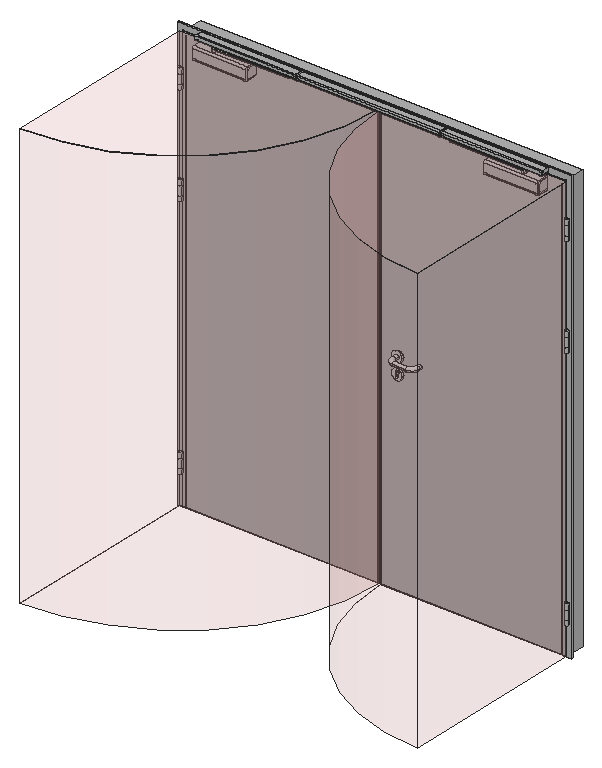
Revit family "ASSA ABLOY - ALPE Sp 30-2, double-leaf, angular frame", category Doors, host Wall, Revit 2021 (continued)
Definition of nested family "DC700 DC500 Door closer, Cam-Motion_ASSA ABLOY"
  Automatic sketch dimensions
    SweptBlend 8 sketch curve to SweptBlend 8 sketch curve = 15.000 mm
    radius of Sweep 4 sketch curve = 9.000 mm
    radius of Extrusion 5 sketch curve = 9.000 mm
Definition of nested family "G-CO guide rail for DC700 door closer"
  Parameters (values of type "G-CO guide rail for DC700 door closer")
    Thickness = 16.800 mm
    Min. Length [instance] = if(Length < 20.000 mm, 20.000 mm, Length)  # 100.000 mm
    Length [instance] = 100.000 mm
    Default Elevation = 0.000 mm
  Reference planes
    plane 1 "Center (Front/Back)": y = 0
    plane 2: z = 0
    plane 3 "Center (Left/Right)": x = 0
    plane 4: z = 0
    plane 5: x = -50
    plane 6: x = 50
    plane 7: z = 23
    plane 8: x = 45
    plane 9: x = -45
  Forms (mm)
    Sweep 1, solid
      path origin (0, -19.5, 0) x (1, 0, 0) y (0, 1, 0)
        loop
          line (-50, 0) -> (50, 0)
      profile origin (0, -19.5, 0) x (0, 1, 0) y (0, 0, 1)
        loop
          line (19.5, 0) -> (19.5, 23) -> (-15.5, 23)
          arc (-15.5, 23) -> (-18.328, 21.828) -> (-19.5, 19) r 4
          line (-19.5, 19) -> (-19.5, 4)
          arc (-19.5, 4) -> (-18.328, 1.172) -> (-15.5, 0) r 4
          line (-15.5, 0) -> (19.5, 0)
    Sweep 2, solid
      path origin (0, -19.5, 0) x (1, 0, 0) y (0, 1, 0)
        loop
          line (-50, 0) -> (-45, 0)
      profile origin (-47.5, -19.5, 0) x (0, 1, 0) y (0, 0, 1)
        loop
          line (19.5, -2) -> (19.5, 0) -> (-15.5, 0)
          arc (-15.5, 0) -> (-18.328, 1.172) -> (-19.5, 4) r 4
          line (-19.5, 4) -> (-19.5, 19)
          arc (-19.5, 19) -> (-18.328, 21.828) -> (-15.5, 23) r 4
          line (-15.5, 23) -> (19.5, 23) -> (19.5, 25) -> (-15.5, 25)
          arc (-15.5, 25) -> (-19.743, 23.243) -> (-21.5, 19) r 6
          line (-21.5, 19) -> (-21.5, 4)
          arc (-21.5, 4) -> (-19.743, -0.243) -> (-15.5, -2) r 6
          line (-15.5, -2) -> (19.5, -2)
    Sweep 3, solid
      path origin (0, -19.5, 0) x (1, 0, 0) y (0, 1, 0)
        loop
          line (45, 0) -> (50, 0)
      profile origin (47.5, -19.5, 0) x (0, 1, 0) y (0, 0, 1)
        loop
          line (19.5, -2) -> (19.5, 0) -> (-15.5, 0)
          arc (-15.5, 0) -> (-18.328, 1.172) -> (-19.5, 4) r 4
          line (-19.5, 4) -> (-19.5, 19)
          arc (-19.5, 19) -> (-18.328, 21.828) -> (-15.5, 23) r 4
          line (-15.5, 23) -> (19.5, 23) -> (19.5, 25) -> (-15.5, 25)
          arc (-15.5, 25) -> (-19.743, 23.243) -> (-21.5, 19) r 6
          line (-21.5, 19) -> (-21.5, 4)
          arc (-21.5, 4) -> (-19.743, -0.243) -> (-15.5, -2) r 6
          line (-15.5, -2) -> (19.5, -2)
  Dimensions and locks
    equal spacing: plane 5, plane 3 "Center (Left/Right)", plane 6
    "Min. Length": plane 5 to plane 6
    locked: plane 8 to plane 6 at 5
    locked: plane 5 to plane 9 at 5
    aligned and locked: level to plane 2
    aligned and locked: plane 5 to Sweep 1 sketch curve
    aligned and locked: plane 6 to Sweep 1 sketch curve
    aligned and locked: plane 5 to Sweep 2 sketch curve
    aligned and locked: plane 9 to Sweep 2 sketch curve
    aligned and locked: plane 6 to Sweep 3 sketch curve
    aligned and locked: plane 8 to Sweep 3 sketch curve
  Automatic sketch dimensions
    Sweep 1 sketch curve to level = 0.000 mm
    profile plane to Sweep 1 sketch curve = 19.500 mm
    Sweep 1 sketch curve to Sweep 1 sketch curve = 4.000 mm  (x2)
    Sweep 1 sketch curve to Sweep 1 sketch curve = 15.000 mm
    plane 1 "Center (Front/Back)" to Sweep 2 sketch curve = 19.500 mm
    Sweep 2 sketch curve to Sweep 2 sketch curve = 0.000 mm  (x4)
    Sweep 2 sketch curve to level = 0.000 mm
    profile plane to Sweep 2 sketch curve = 21.500 mm
    Sweep 2 sketch curve to Sweep 2 sketch curve = 4.000 mm  (x2)
    Sweep 2 sketch curve to Sweep 2 sketch curve = 15.000 mm
    Sweep 2 sketch curve to level = 2.000 mm
    plane 1 "Center (Front/Back)" to Sweep 3 sketch curve = 19.500 mm
    Sweep 3 sketch curve to Sweep 3 sketch curve = 0.000 mm  (x4)
    Sweep 3 sketch curve to level = 0.000 mm
    profile plane to Sweep 3 sketch curve = 21.500 mm
    Sweep 3 sketch curve to Sweep 3 sketch curve = 2.000 mm
    Sweep 3 sketch curve to Sweep 3 sketch curve = 4.000 mm  (x2)
    Sweep 3 sketch curve to Sweep 3 sketch curve = 15.000 mm
    plane 1 "Center (Front/Back)" to Sweep 1 sketch curve = 19.500 mm
    Sweep 1 sketch curve to profile plane = 19.500 mm
    Sweep 2 sketch curve to profile plane = 19.500 mm  (x2)
    Sweep 3 sketch curve to profile plane = 19.500 mm  (x2)
Definition of nested family "TL0151BS round rosette PZPZ, stainless steel_ASSA ABLOY"
  Parameters (values of type "TL0151BS round rosette PZPZ, stainless steel_ASSA ABLOY")
    Thickness = 60.000 mm
    Default Elevation = 0.000 mm
  Reference planes
    plane 1 "Center (Front/Back)": y = 0
    plane 2: z = 0
    plane 3 "Center (Left/Right)": x = 0
    plane 4: z = 0
    plane 5: y = 60
    plane 6: y = -6.5
    plane 7: y = 66.5
    plane 8: x = -133
  Forms (mm)
    Sweep 1, solid
      path origin (0, 0, 0) x (1, 0, 0) y (0, 1, 0)
        loop
          line (0, 0) -> (0, -6.5)
      profile origin (0, -3.25, 0) x (1, 0, 0) y (0, 0, 1)
        loop
          circle (0, 0) r 26.5
    Sweep 2, solid
      path origin (0, 70, 0) x (1, 0, 0) y (0, 1, 0)
        loop
          line (0, -10) -> (0, -3.5)
      profile origin (0, 63.25, 0) x (-1, 0, 0) y (0, 0, 1)
        loop
          circle (0, 0) r 26.5
    Sweep 3, void
      path origin (0, 0, 0) x (1, 0, 0) y (0, 1, 0)
        loop
          line (0, -6.5) -> (0, 66.5)
      profile origin (0, 30, 0) x (-1, 0, 0) y (0, 0, 1)
        loop
          arc (5.25, 1) -> (0, 16.75) -> (-5.25, 1) r 8.75
          line (-5.25, 1) -> (-5.25, -11.5)
          arc (-5.25, -11.5) -> (0, -16.75) -> (5.25, -11.5) r 5.25
          line (5.25, -11.5) -> (5.25, 1)
        loop
          arc (-4.75, -11.5) -> (0, -16.25) -> (4.75, -11.5) r 4.75
          line (4.75, -11.5) -> (4.75, 1.255)
          arc (4.75, 1.255) -> (0, 16.25) -> (-4.75, 1.255) r 8.25
          line (-4.75, 1.255) -> (-4.75, -11.5)
  Cuts and joins
    Sweep 3 cuts Sweep 1
    Sweep 3 cuts Sweep 2
  Dimensions and locks
    locked: plane 7 to plane 5 at 6.5
    locked: plane 6 to plane 1 "Center (Front/Back)" at 6.5
    "Thickness": plane 1 "Center (Front/Back)" to plane 5
    aligned and locked: level to plane 2
  Automatic sketch dimensions
    Sweep 1 sketch curve to plane 3 "Center (Left/Right)" = 0.000 mm
    Sweep 1 sketch curve to plane 6 = 0.000 mm
    plane 1 "Center (Front/Back)" to Sweep 1 sketch curve = 0.000 mm
    Sweep 2 sketch curve to plane 3 "Center (Left/Right)" = 0.000 mm
    Sweep 2 sketch curve to plane 5 = 0.000 mm
    Sweep 2 sketch curve to plane 7 = 0.000 mm
    Sweep 1 sketch curve to level = 0.000 mm
    profile plane to Sweep 1 sketch curve = 0.000 mm
    Sweep 2 sketch curve to level = 0.000 mm
    Sweep 2 sketch curve to profile plane = 0.000 mm
    Sweep 3 sketch curve to plane 3 "Center (Left/Right)" = 0.000 mm
    Sweep 3 sketch curve to plane 6 = 0.000 mm
    Sweep 3 sketch curve to plane 7 = 0.000 mm
    Sweep 3 sketch curve to Sweep 3 sketch curve = 0.000 mm  (x4)
    Sweep 3 sketch curve to profile plane = 0.000 mm  (x2)
    level to Sweep 3 sketch curve = 1.255 mm
    profile plane to Sweep 3 sketch curve = 4.750 mm
    Sweep 3 sketch curve to Sweep 3 sketch curve = 0.500 mm
    Sweep 3 sketch curve to Sweep 3 sketch curve = 0.255 mm
    Sweep 3 sketch curve to level = 11.500 mm
    level to Sweep 3 sketch curve = 8.000 mm
    radius of Sweep 1 sketch curve = 26.500 mm
    radius of Sweep 2 sketch curve = 26.500 mm
Definition of nested family "N2000 One System panic device (EN1125), type A (crossbar)_ASSA ABLOY"
  Parameters (values of type "N2000 One System panic device (EN1125), type A (crossbar)_ASSA ABLOY")
    Panic device Length [instance] = 700.000 mm
    Default Elevation = 0.000 mm
  Reference planes
    plane 1 "Center (Front/Back)": y = 0
    plane 2: z = 0
    plane 3 "Center (Left/Right)": x = 0
    plane 4: z = 0
    plane 5: x = -315.3
    plane 6: z = 68
    plane 7: y = -44
    plane 8: x = 444.7
    plane 9: x = -305
    plane 10: x = 434.4
    plane 11: z = -68
    plane 12: x = -290
    plane 13: z = 54.5
    plane 14: z = -54.5
    plane 15: x = 399
    plane 16: x = 290
    plane 17: y = -14
    plane 18: x = -275.3
    plane 19: x = 404.7
    plane 20: z = -103
    plane 21: y = -98
    plane 22: x = -285.3
    plane 23: x = -265.3
    plane 24: x = 414.7
    plane 25: x = 394.7
  Forms (mm)
    Sweep 1, solid
      path origin (0, 0, 0) x (1, 0, 0) y (0, 1, 0)
        loop
          line (-315.3, 0) -> (-315.3, -14)
      profile origin (-315.3, -7, 0) x (1, 0, 0) y (0, 0, 1)
        loop
          circle (0, 0) r 27.5
    Sweep 2, solid
      path origin (689, 0, 0) x (1, 0, 0) y (0, 1, 0)
        loop
          line (-244.3, 0) -> (-244.3, -14)
      profile origin (444.7, -7, 0) x (1, 0, 0) y (0, 0, 1)
        loop
          circle (0, 0) r 27.5
    Sweep 3, solid
      path origin (0, 0, 0) x (1, 0, 0) y (0, 1, 0)
        loop
          line (-265.3, 0) -> (-285.3, 0)
      profile origin (-275.3, 0, 0) x (0, -1, 0) y (0, 0, 1)
        loop
          arc (77.672, -97.829) -> (92.829, -101.328) -> (96.328, -86.171) r 11
          line (96.328, -86.171) -> (41.243, 1.979)
          arc (41.243, 1.979) -> (26.085, 5.478) -> (22.586, -9.68) r 11
          line (22.586, -9.68) -> (77.672, -97.829)
    Sweep 4, solid
      path origin (0, 0, 0) x (1, 0, 0) y (0, 1, 0)
        loop
          line (-265.3, -93.5) -> (394.7, -93.5)
      profile origin (64.7, -93.5, 0) x (0, 1, 0) y (0, 0, 1)
        loop
          arc (-0.284, -87.76) -> (2.26, -98.784) -> (13.284, -96.24) r 8
          line (13.284, -96.24) -> (20.703, -84.367)
          arc (20.703, -84.367) -> (18.159, -73.343) -> (7.135, -75.888) r 8
          line (7.135, -75.888) -> (-0.284, -87.76)
    Sweep 5, solid
      path origin (0, 0, 0) x (1, 0, 0) y (0, 1, 0)
        loop
          line (-285.3, -44) -> (-305, -44)
      profile origin (-295.15, -44, 0) x (0, -1, 0) y (0, 0, 1)
        loop
          circle (-12.086, -3.85) r 7
    Sweep 6, solid
      path origin (0, 0, 0) x (1, 0, 0) y (0, 1, 0)
        loop
          line (414.7, -4) -> (434.4, -4)
      profile origin (424.55, -4, 0) x (0, 1, 0) y (0, 0, 1)
        loop
          circle (-27.914, -3.85) r 7
    SweptBlend 7, solid
      path origin (0, 0, 0) x (1, 0, 0) y (0, 1, 0)
        loop
          line (-315.3, 0) -> (-315.3, -44)
      profile origin (-315.3, 0, 0) x (1, 0, 0) y (0, 0, 1)
        loop
          line (-17, 25.5) -> (-17, -25.5)
          arc (-17, -25.5) -> (0, -42.5) -> (17, -25.5) r 17
          line (17, -25.5) -> (17, 25.5)
          arc (17, 25.5) -> (0, 42.5) -> (-17, 25.5) r 17
      end profile origin (-315.3, -44, 0) x (1, 0, 0) y (0, 0, 1)
        loop
          arc (11, 20) -> (0, 31) -> (-11, 20) r 11
          line (-11, 20) -> (-11, -20)
          arc (-11, -20) -> (0, -31) -> (11, -20) r 11
          line (11, -20) -> (11, 20)
    SweptBlend 8, solid
      path origin (1060, 0, 0) x (1, 0, 0) y (0, 1, 0)
        loop
          line (-615.3, 0) -> (-615.3, -44)
      profile origin (444.7, 0, 0) x (1, 0, 0) y (0, 0, 1)
        loop
          line (-17, 25.5) -> (-17, -25.5)
          arc (-17, -25.5) -> (0, -42.5) -> (17, -25.5) r 17
          line (17, -25.5) -> (17, 25.5)
          arc (17, 25.5) -> (0, 42.5) -> (-17, 25.5) r 17
      end profile origin (444.7, -44, 0) x (1, 0, 0) y (0, 0, 1)
        loop
          arc (11, 20) -> (0, 31) -> (-11, 20) r 11
          line (-11, 20) -> (-11, -20)
          arc (-11, -20) -> (0, -31) -> (11, -20) r 11
          line (11, -20) -> (11, 20)
    Sweep 9, solid
      path origin (0, 0, 0) x (1, 0, 0) y (0, 1, 0)
        loop
          line (414.7, 0) -> (394.7, 0)
      profile origin (404.7, 0, 0) x (0, -1, 0) y (0, 0, 1)
        loop
          arc (77.672, -97.829) -> (92.829, -101.328) -> (96.328, -86.171) r 11
          line (96.328, -86.171) -> (41.243, 1.979)
          arc (41.243, 1.979) -> (26.085, 5.478) -> (22.586, -9.68) r 11
          line (22.586, -9.68) -> (77.672, -97.829)
  Cuts and joins
    joined: Sweep 1, Sweep 5, SweptBlend 7
    joined: Sweep 2, Sweep 6, SweptBlend 8
  Dimensions and locks
    plane 6 to level = 68.000 mm
    locked: plane 7 to plane 1 "Center (Front/Back)" at 44
    plane 6 to plane 11 = 136.000 mm
    locked: plane 9 to plane 3 "Center (Left/Right)" at 305
    "Panic device Length": plane 22 to plane 24
    equal spacing: plane 6, level, plane 11
    locked: plane 17 to plane 1 "Center (Front/Back)" at 14
    locked: plane 5 to plane 18 at 40
    locked: plane 19 to plane 8 at 40
    plane 20 to level = 103.000 mm
    plane 1 "Center (Front/Back)" to plane 21 = 98.000 mm
    locked: plane 22 to plane 18 at 10
    locked: plane 19 to plane 24 at 10
    locked: plane 22 to plane 23 at 20
    locked: plane 25 to plane 24 at 20
    locked: plane 24 to plane 10 at 19.7
    aligned and locked: level to plane 2
    aligned and locked: Sweep 1 sketch curve to plane 5
    aligned and locked: plane 1 "Center (Front/Back)" to Sweep 1 sketch curve
    aligned and locked: plane 17 to Sweep 1 sketch curve
    aligned and locked: Sweep 2 sketch curve to plane 8
    aligned and locked: Sweep 3 sketch curve to plane 1 "Center (Front/Back)"
    aligned and locked: plane 22 to Sweep 3 sketch curve
    aligned and locked: plane 23 to Sweep 3 sketch curve
    aligned and locked: plane 23 to Sweep 4 sketch curve
    aligned and locked: plane 25 to Sweep 4 sketch curve
    aligned and locked: Sweep 5 sketch curve to plane 7
    aligned and locked: plane 22 to Sweep 5 sketch curve
    aligned and locked: plane 9 to Sweep 5 sketch curve
    aligned and locked: plane 24 to Sweep 6 sketch curve
    aligned and locked: SweptBlend 7 sketch curve to plane 5
    aligned and locked: plane 1 "Center (Front/Back)" to SweptBlend 7 sketch curve
    aligned and locked: plane 7 to SweptBlend 7 sketch curve
    aligned and locked: SweptBlend 8 sketch curve to plane 8
    aligned and locked: plane 24 to Sweep 9 sketch curve
    aligned and locked: plane 25 to Sweep 9 sketch curve
  Automatic sketch dimensions
    Sweep 1 sketch curve to level = 0.000 mm
    profile plane to Sweep 1 sketch curve = 0.000 mm
    plane 17 to Sweep 2 sketch curve = 0.000 mm
    plane 1 "Center (Front/Back)" to Sweep 2 sketch curve = 0.000 mm
    Sweep 2 sketch curve to level = 0.000 mm
    profile plane to Sweep 2 sketch curve = 0.000 mm
    Sweep 4 sketch curve to plane 21 = 4.500 mm
    Sweep 6 sketch curve to plane 10 = 0.000 mm
    plane 1 "Center (Front/Back)" to Sweep 6 sketch curve = 4.000 mm
    profile plane to SweptBlend 7 sketch curve = 0.000 mm  (x2)
    SweptBlend 7 sketch curve to SweptBlend 7 sketch curve = 17.000 mm
    SweptBlend 7 sketch curve to level = 25.500 mm
    level to SweptBlend 7 sketch curve = 25.500 mm
    SweptBlend 7 sketch curve to SweptBlend 7 sketch curve = 11.000 mm
    SweptBlend 7 sketch curve to level = 20.000 mm
    level to SweptBlend 7 sketch curve = 20.000 mm
    plane 7 to SweptBlend 8 sketch curve = 0.000 mm
    plane 1 "Center (Front/Back)" to SweptBlend 8 sketch curve = 0.000 mm
    profile plane to SweptBlend 8 sketch curve = 0.000 mm  (x2)
    SweptBlend 8 sketch curve to SweptBlend 8 sketch curve = 17.000 mm
    SweptBlend 8 sketch curve to level = 25.500 mm
    level to SweptBlend 8 sketch curve = 25.500 mm
    SweptBlend 8 sketch curve to SweptBlend 8 sketch curve = 11.000 mm
    SweptBlend 8 sketch curve to level = 20.000 mm
    level to SweptBlend 8 sketch curve = 20.000 mm
    Sweep 3 sketch curve to profile plane = 22.586 mm
    Sweep 3 sketch curve to Sweep 3 sketch curve = 9.328 mm  (x4)
    level to Sweep 3 sketch curve = 1.979 mm
    Sweep 3 sketch curve to profile plane = 77.672 mm
    Sweep 3 sketch curve to Sweep 3 sketch curve = 5.829 mm
    Sweep 3 sketch curve to Sweep 3 sketch curve = 11.659 mm
    Sweep 3 sketch curve to level = 86.171 mm
    profile plane to Sweep 4 sketch curve = 0.284 mm
    Sweep 4 sketch curve to profile plane = 6.500 mm
    Sweep 4 sketch curve to profile plane = 7.135 mm
    Sweep 4 sketch curve to Sweep 4 sketch curve = 6.784 mm  (x3)
    Sweep 4 sketch curve to level = 92.000 mm
    Sweep 4 sketch curve to Sweep 4 sketch curve = 4.240 mm  (x2)
    Sweep 4 sketch curve to Sweep 4 sketch curve = 11.872 mm
    plane 1 "Center (Front/Back)" to Sweep 9 sketch curve = 0.000 mm
    Sweep 9 sketch curve to level = 9.680 mm
    Sweep 9 sketch curve to profile plane = 22.586 mm
    Sweep 9 sketch curve to level = 3.850 mm
    Sweep 9 sketch curve to Sweep 9 sketch curve = 9.328 mm  (x3)
    level to Sweep 9 sketch curve = 1.979 mm
    Sweep 9 sketch curve to profile plane = 77.672 mm
    Sweep 9 sketch curve to level = 86.171 mm
    Sweep 9 sketch curve to Sweep 9 sketch curve = 5.829 mm
    Sweep 5 sketch curve to Sweep 5 sketch curve = 0.000 mm
    Sweep 5 sketch curve to level = 3.850 mm
    profile plane to Sweep 5 sketch curve = 12.086 mm
    Sweep 5 sketch curve to Sweep 5 sketch curve = 5.936 mm
    Sweep 5 sketch curve to level = 0.141 mm
    profile plane to Sweep 5 sketch curve = 6.149 mm
    Sweep 6 sketch curve to level = 3.850 mm
    Sweep 6 sketch curve to level = 0.141 mm
    Sweep 6 sketch curve to Sweep 6 sketch curve = 5.936 mm  (x2)
    Sweep 6 sketch curve to Sweep 6 sketch curve = 0.000 mm
    profile plane to Sweep 6 sketch curve = 27.914 mm
    radius of Sweep 1 sketch curve = 27.500 mm
    radius of Sweep 2 sketch curve = 27.500 mm
Definition of nested family "TL4106SS U-shape handle set on round rosette, class 4 (EN1906), stainless steel_ASSA ABLOY"
  Parameters (values of type "TL4106SS U-shape handle set on round rosette, class 4 (EN1906), stainless steel_ASSA ABLOY")
    Thickness = 54.000 mm
    Handle Visibility = no
    Default Elevation = 0.000 mm
  Reference planes
    plane 1 "Center (Front/Back)": y = 0
    plane 2: z = 0
    plane 3 "Center (Left/Right)": x = 0
    plane 4: z = 0
    plane 5: y = 54
    plane 6: y = -8
    plane 7: y = 62
    plane 8: x = -121
    plane 9: y = -57.5
    plane 10: y = 111.5
    plane 11: y = -17
    plane 12: y = 71
  Forms (mm)
    Sweep 1, solid
      path origin (0, 0, 0) x (1, 0, 0) y (0, 1, 0)
        loop
          line (0, 0) -> (0, -8)
      profile origin (0, -4, 0) x (1, 0, 0) y (0, 0, 1)
        loop
          circle (0, 0) r 26.5
    Sweep 2, solid, visible <- "Handle Visibility"
      path origin (0, 70, 0) x (1, 0, 0) y (0, 1, 0)
        loop
          line (0, -16) -> (0, -8)
      profile origin (0, 58, 0) x (-1, 0, 0) y (0, 0, 1)
        loop
          circle (0, 0) r 26.5
    Sweep 3, solid
      path origin (0, 0, 0) x (1, 0, 0) y (0, 1, 0)
        loop
          line (0, -8) -> (0, -30.5)
          arc (0, -30.5) -> (-7.908, -49.592) -> (-27, -57.5) r 27
          line (-27, -57.5) -> (-94, -57.5)
          arc (-94, -57.5) -> (-113.092, -49.592) -> (-121, -30.5) r 27
          line (-121, -30.5) -> (-121, -17)
      profile origin (0, -19.25, 0) x (1, 0, 0) y (0, 0, 1)
        loop
          circle (0, 0) r 10
    Sweep 4, solid, visible <- "Handle Visibility"
      path origin (0, 86.5, 0) x (1, 0, 0) y (0, 1, 0)
        loop
          line (0, -24.5) -> (0, -2)
          arc (0, -2) -> (-7.908, 17.092) -> (-27, 25) r 27
          line (-27, 25) -> (-94, 25)
          arc (-94, 25) -> (-113.092, 17.092) -> (-121, -2) r 27
          line (-121, -2) -> (-121, -15.5)
      profile origin (0, 73.25, 0) x (-1, 0, 0) y (0, 0, 1)
        loop
          circle (0, 0) r 10
  Cuts and joins
    joined: Sweep 1, Sweep 3
  Dimensions and locks
    locked: plane 7 to plane 5 at 8
    locked: plane 6 to plane 1 "Center (Front/Back)" at 8
    locked: plane 9 to plane 1 "Center (Front/Back)" at 57.5
    plane 10 to plane 5 = 57.500 mm
    locked: plane 8 to plane 3 "Center (Left/Right)" at 121
    "Thickness": plane 1 "Center (Front/Back)" to plane 5
    locked: plane 11 to plane 9 at 40.5
    locked: plane 10 to plane 12 at 40.5
    aligned and locked: level to plane 2
    aligned and locked: plane 6 to Sweep 3 sketch curve
    aligned and locked: Sweep 3 sketch curve to plane 3 "Center (Left/Right)"
    aligned and locked: plane 9 to Sweep 3 sketch curve
    aligned and locked: plane 8 to Sweep 3 sketch curve
    aligned and locked: plane 11 to Sweep 3 sketch curve
    aligned and locked: Sweep 4 sketch curve to plane 8
    aligned and locked: plane 10 to Sweep 4 sketch curve
    aligned and locked: plane 3 "Center (Left/Right)" to Sweep 4 sketch curve
    aligned and locked: plane 7 to Sweep 4 sketch curve
    aligned and locked: plane 12 to Sweep 4 sketch curve
  Automatic sketch dimensions
    Sweep 1 sketch curve to plane 3 "Center (Left/Right)" = 0.000 mm
    Sweep 1 sketch curve to plane 6 = 0.000 mm
    plane 1 "Center (Front/Back)" to Sweep 1 sketch curve = 0.000 mm
    Sweep 1 sketch curve to level = 0.000 mm
    profile plane to Sweep 1 sketch curve = 0.000 mm
    Sweep 2 sketch curve to plane 3 "Center (Left/Right)" = 0.000 mm
    Sweep 2 sketch curve to plane 5 = 0.000 mm
    Sweep 2 sketch curve to plane 7 = 0.000 mm
    Sweep 2 sketch curve to level = 0.000 mm
    Sweep 2 sketch curve to profile plane = 0.000 mm
    plane 8 to Sweep 3 sketch curve = 27.000 mm
    Sweep 3 sketch curve to plane 11 = 13.500 mm
    Sweep 3 sketch curve to level = 0.000 mm
    profile plane to Sweep 3 sketch curve = 0.000 mm
    plane 8 to Sweep 4 sketch curve = 27.000 mm
    Sweep 4 sketch curve to plane 10 = 27.000 mm
    Sweep 4 sketch curve to level = 0.000 mm
    Sweep 4 sketch curve to profile plane = 0.000 mm
    radius of Sweep 1 sketch curve = 26.500 mm
    radius of Sweep 2 sketch curve = 26.500 mm
    radius of Sweep 3 sketch curve = 10.000 mm
    radius of Sweep 4 sketch curve = 10.000 mm
Definition of nested family "Detail_Door symbol"
  Parameters (values of type "Detail_Door symbol")
    Rough Width = 1911.500 mm
    Passive Symbol Radius = 1001.000 mm
    Passive Leaf Width = 987.500 mm
    Panic device Visibility = yes
    Panic device Length = 693.000 mm
    Middle Post = 920.000 mm
    Active Symbol Radius = 929.500 mm
    Active Leaf Width = 916.000 mm
  Reference planes
    plane 1 "Center (Front/Back)": y = 0
    plane 2: z = 0
    plane 3 "Center (Left/Right)": x = 0
    plane 4: x = -955.75
    plane 5: y = -17
    plane 6: x = -966.85
    plane 7: y = -26.5
    plane 8: y = -45.5
    plane 9: y = -998
    plane 10: y = -1014
    plane 11: x = -962.25
    plane 12: x = -960.5
    plane 13: x = -908.25
    plane 14: x = 955.75
    plane 15: y = -17
    plane 16: x = 966.85
    plane 17: y = -26.5
    plane 18: y = -45.5
    plane 19: y = -923.5
    plane 20: y = -942.5
    plane 21: x = 962.25
    plane 22: x = 959.85
    plane 23: x = 908.25
    plane 24: y = -985
    plane 25: y = -1055
    plane 26: y = -1030
    plane 27: x = -892.25
    plane 28: x = -892
    plane 29: y = -858.5
    plane 30: y = -105.5
    plane 31: y = -828.5
    plane 32: y = -135.5
  Lines and regions (mm)
    Filled region 1, type "Solid Fill - White", in view "Ref. Level", detail levels fine
      outline origin (28.5, 43.059, 0) x (1, 0, 0) y (0, 1, 0)
        loop
          line (-990.75, -69.559) -> (-990.75, -1057.059) -> (-989, -1057.059) -> (-989, -1041.059) -> (-936.75, -1041.059) -> (-936.75, -88.559) -> (-989, -88.559) -> (-989, -69.559) -> (-990.75, -69.559)
    Filled region 2, type "Solid Fill - White", in view "Ref. Level", detail levels medium
      outline origin (-271.5, 43.059, 0) x (1, 0, 0) y (0, 1, 0)
        loop
          line (-690.75, -69.559) -> (-690.75, -1057.059) -> (-636.75, -1057.059) -> (-636.75, -69.559) -> (-690.75, -69.559)
    Filled region 3, type "Solid Fill - White", in view "Ref. Level", detail levels fine
      outline origin (-28.5, 43.059, 0) x (0, 1, 0) y (-1, 0, 0)
        loop
          arc (-70.259, -990.75) -> (-69.764, -990.545) -> (-69.559, -990.05) r 0.7
          line (-69.559, -990.05) -> (-69.559, -989.05)
          arc (-69.559, -989.05) -> (-69.764, -988.555) -> (-70.259, -988.35) r 0.7
          line (-70.259, -988.35) -> (-88.559, -988.35) -> (-88.559, -936.75) -> (-966.559, -936.75) -> (-966.559, -988.35) -> (-985.559, -988.35) -> (-985.559, -990.75) -> (-70.259, -990.75)
    Filled region 4, type "Solid Fill - White", in view "Ref. Level", detail levels fine
      outline origin (28.5, -61.941, 0) x (1, 0, 0) y (0, 1, 0)
        loop
          line (-934.25, -993.059) -> (-920.75, -993.059) -> (-920.75, -923.059) -> (-936.75, -923.059) -> (-936.75, -936.059) -> (-988, -936.059) -> (-988, -949.059) -> (-985, -957.059) -> (-985, -968.059) -> (-934.25, -968.059) -> (-934.25, -973.559) -> (-923.75, -973.559) -> (-923.75, -988.559) -> (-934.25, -988.559) -> (-934.25, -993.059)
    Filled region 5, type "Solid Fill - White", in view "Ref. Level", detail levels medium
      outline origin (183.5, -61.941, 0) x (1, 0, 0) y (0, 1, 0)
        loop
          line (-1091.75, -923.059) -> (-1091.75, -993.059) -> (-1075.75, -993.059) -> (-1075.75, -923.059) -> (-1091.75, -923.059)
    Filled region 6, type "Solid Fill - White", in view "Ref. Level", detail levels medium
      outline origin (271.5, 43.059, 0) x (0, 1, 0) y (-1, 0, 0)
        loop
          line (-69.559, -690.75) -> (-69.559, -636.75) -> (-985.559, -636.75) -> (-985.559, -690.75) -> (-69.559, -690.75)
    detail lines, in view "Ref. Level"
      curve 1: arc (-966.85, -1018, 0) -> (-259.036, -724.814, 0) -> (34.15, -17, 0) r 1001
      curve 3: arc (966.85, -946.5, 0) -> (309.594, -674.256, 0) -> (37.35, -17, 0) r 929.5
    detail lines, in view "Ref. Level", detail levels coarse
      curve 2: line (-966.85, -1018, 0) -> (-966.85, -17, 0)
      curve 4: line (966.85, -946.5, 0) -> (966.85, -17, 0)
    detail lines, in view "Ref. Level", detail levels fine
      curve 5: line (1009.75, -767.5, 0) -> (1009.75, -828.5, 0)
      curve 6: line (989.75, -727.5, 0) -> (979.25, -727.5, 0)
      curve 7: line (979.25, -727.5, 0) -> (979.25, -747.5, 0)
      curve 8: line (979.25, -747.5, 0) -> (989.75, -747.5, 0)
      curve 9: line (989.75, -848.5, 0) -> (970.25, -848.5, 0)
      curve 10: line (970.25, -848.5, 0) -> (970.25, -832, 0)
      curve 11: line (970.25, -832, 0) -> (962.25, -832, 0)
      curve 12: line (1029.75, -828.5, 0) -> (1029.75, -767.5, 0)
      curve 13: line (989.75, -868.5, 0) -> (970.25, -868.5, 0)
      curve 14: arc (989.75, -868.5, 0) -> (1018.034, -856.784, 0) -> (1029.75, -828.5, 0) r 40
      curve 15: arc (1029.75, -767.5, 0) -> (1018.034, -739.216, 0) -> (989.75, -727.5, 0) r 40
      curve 16: arc (989.75, -848.5, 0) -> (1003.892, -842.642, 0) -> (1009.75, -828.5, 0) r 20
      curve 17: arc (1009.75, -767.5, 0) -> (1003.892, -753.358, 0) -> (989.75, -747.5, 0) r 20
      curve 18: line (970.25, -868.5, 0) -> (970.25, -885, 0)
      curve 19: line (970.25, -885, 0) -> (962.25, -885, 0)
    detail lines, in view "Ref. Level", visible <- "Panic device Visibility", detail levels fine
      curve 20: line (908.25, -886, 0) -> (894.25, -886, 0)
      curve 21: line (894.25, -886, 0) -> (894.25, -873.591, 0)
      curve 22: line (894.25, -873.591, 0) -> (864.25, -869.5, 0)
      curve 23: line (864.25, -869.5, 0) -> (864.25, -847.5, 0)
      curve 24: line (864.25, -847.5, 0) -> (873.081, -846.296, 0)
      curve 25: line (894.25, -843.409, 0) -> (894.25, -831, 0)
      curve 26: line (894.25, -831, 0) -> (908.25, -831, 0)
      curve 27: line (873.081, -828.5, 0) -> (810.25, -828.5, 0)
      curve 28: line (810.25, -828.5, 0) -> (810.25, -808.5, 0)
      curve 29: line (810.25, -808.5, 0) -> (813.25, -808.5, 0)
      curve 30: line (813.25, -808.5, 0) -> (813.25, -155.5, 0)
      curve 31: line (813.25, -155.5, 0) -> (810.25, -155.5, 0)
      curve 32: line (810.25, -155.5, 0) -> (810.25, -135.5, 0)
      curve 33: line (810.25, -135.5, 0) -> (873.403, -135.5, 0)
      curve 34: line (873.403, -135.5, 0) -> (873.403, -117.729, 0)
      curve 35: line (873.403, -117.729, 0) -> (864.326, -116.491, 0)
      curve 36: line (864.326, -116.491, 0) -> (864.326, -94.509, 0)
      curve 37: line (864.326, -94.509, 0) -> (894.051, -90.456, 0)
      curve 38: line (894.051, -90.456, 0) -> (894.051, -78, 0)
      curve 39: line (894.051, -78, 0) -> (908.25, -78, 0)
      curve 40: line (908.25, -133, 0) -> (894.25, -133, 0)
      curve 41: line (894.25, -133, 0) -> (894.25, -120.541, 0)
      curve 42: line (894.25, -120.541, 0) -> (887.399, -119.606, 0)
      curve 43: line (887.399, -119.606, 0) -> (887.399, -135.5, 0)
      curve 44: line (887.399, -135.5, 0) -> (892.088, -135.5, 0)
      curve 45: line (892.088, -135.5, 0) -> (892.088, -155.5, 0)
      curve 46: line (892.088, -155.5, 0) -> (841.155, -155.5, 0)
      curve 47: line (841.155, -155.5, 0) -> (841.155, -808.5, 0)
      curve 48: line (841.155, -808.5, 0) -> (892.088, -808.5, 0)
      curve 49: line (892.088, -808.5, 0) -> (892.088, -828.5, 0)
      curve 50: line (892.088, -828.5, 0) -> (887.403, -828.5, 0)
      curve 51: line (887.403, -828.5, 0) -> (887.403, -844.343, 0)
      curve 52: line (873.081, -828.5, 0) -> (873.081, -846.296, 0)
      curve 53: line (887.403, -844.343, 0) -> (894.25, -843.409, 0)
  Dimensions and locks
    locked: plane 10 to plane 9 at 16
    "Passive Leaf Width": plane 10 to plane 7
    plane 11 to plane 4 = 6.500 mm
    locked: plane 12 to plane 4 at 4.75
    locked: plane 11 to plane 13 at 54
    locked: plane 1 "Center (Front/Back)" to plane 5 at 17
    locked: plane 6 to plane 4 at 11.1
    locked: plane 1 "Center (Front/Back)" to plane 7 at 26.5
    locked: plane 7 to plane 8 at 19
    "Rough Width": plane 4 to plane 14
    equal spacing: plane 4, plane 3 "Center (Left/Right)", plane 14
    locked: plane 20 to plane 19 at 19
    "Active Leaf Width": plane 20 to plane 17
    plane 22 to plane 14 = 4.100 mm
    locked: plane 21 to plane 23 at 54
    locked: plane 1 "Center (Front/Back)" to plane 15 at 17
    locked: plane 16 to plane 14 at 11.1
    locked: plane 1 "Center (Front/Back)" to plane 17 at 26.5
    locked: plane 17 to plane 18 at 19
    locked: plane 26 to plane 10 at 16
    locked: plane 26 to plane 25 at 25
    locked: plane 10 to plane 24 at 29
    locked: plane 13 to plane 27 at 16
    locked: plane 27 to plane 28 at 0.25
    locked: plane 21 to plane 16 at 4.6
    locked: plane 22 to plane 21 at 2.4
    locked: plane 6 to plane 11 at 4.6
    locked: Filled region 4 sketch curve to Filled region 4 sketch curve at 15
    locked: plane 20 to plane 29 at 84
    curve 20 to plane 29 to curve 26 = 27.500 mm locked, 27.500 mm locked
    curve 19 to curve 13 to plane 29 to curve 9 to curve 11 = 16.500 mm locked, 10.000 mm locked, 10.000 mm locked, 16.500 mm locked
    plane 29 to curve 27 to curve 29 = 30.000 mm locked, 20.000 mm locked
    curve 40 to plane 30 to curve 39 = 27.500 mm locked, 27.500 mm locked
    "Panic device Length": plane 31 to plane 32
    locked: plane 29 to plane 31 at 30
    locked: plane 32 to plane 30 at 30
    locked: curve 46 to plane 32 at 20
    "Passive Symbol Radius": radius of curve 1
    "Active Symbol Radius": radius of curve 3
    aligned and locked: plane 6 to curve 1
    aligned and locked: plane 5 to curve 1
    aligned and locked: plane 11 to Filled region 1 sketch curve
    aligned and locked: plane 10 to Filled region 1 sketch curve
    aligned and locked: Filled region 1 sketch curve to plane 12  (x2)
    aligned and locked: plane 9 to Filled region 1 sketch curve
    aligned and locked: Filled region 1 sketch curve to plane 13
    aligned and locked: Filled region 1 sketch curve to plane 7
    aligned and locked: Filled region 1 sketch curve to plane 8
    aligned and locked: Filled region 2 sketch curve to plane 7
    aligned and locked: plane 10 to Filled region 2 sketch curve
    aligned and locked: plane 11 to Filled region 2 sketch curve
    aligned and locked: Filled region 2 sketch curve to plane 13
    aligned and locked: curve 3 to plane 16
    aligned and locked: plane 15 to curve 3
    aligned and locked: plane 21 to Filled region 3 sketch curve
    aligned and locked: plane 20 to Filled region 3 sketch curve
    aligned and locked: Filled region 3 sketch curve to plane 22  (x2)
    aligned and locked: plane 19 to Filled region 3 sketch curve
    aligned and locked: Filled region 3 sketch curve to plane 23
    aligned and locked: Filled region 3 sketch curve to plane 17
    aligned and locked: Filled region 3 sketch curve to plane 18
    aligned and locked: plane 24 to Filled region 4 sketch curve
    aligned and locked: plane 9 to Filled region 4 sketch curve
    aligned and locked: Filled region 4 sketch curve to plane 25
    aligned and locked: Filled region 4 sketch curve to plane 27
    aligned and locked: Filled region 4 sketch curve to plane 13
    aligned and locked: plane 24 to Filled region 5 sketch curve
    aligned and locked: Filled region 5 sketch curve to plane 27
    aligned and locked: Filled region 5 sketch curve to plane 25
    aligned and locked: Filled region 5 sketch curve to plane 13
    aligned and locked: Filled region 6 sketch curve to plane 17
    aligned and locked: Filled region 6 sketch curve to plane 21
    aligned and locked: plane 23 to Filled region 6 sketch curve
    aligned and locked: plane 20 to Filled region 6 sketch curve
    aligned and locked: curve 4 to plane 15
    aligned and locked: curve 4 to plane 16
    aligned and locked: curve 28 to curve 32
    aligned and locked: plane 32 to curve 33
    aligned and locked: plane 32 to curve 44
    aligned and locked: curve 46 to curve 31
  Automatic sketch dimensions
    Filled region 3 sketch curve to plane 7 = 0.700 mm  (x2)
    Filled region 4 sketch curve to plane 26 = 0.000 mm
    Filled region 4 sketch curve to plane 4 = 0.750 mm
    plane 12 to Filled region 4 sketch curve = 1.000 mm
    plane 13 to Filled region 4 sketch curve = 2.500 mm  (x2)
    Filled region 4 sketch curve to plane 27 = 3.000 mm
    plane 25 to Filled region 4 sketch curve = 4.500 mm
    plane 10 to Filled region 4 sketch curve = 5.000 mm
    Filled region 4 sketch curve to plane 10 = 3.000 mm
    curve 14 to curve 16 = 0.000 mm  (x2)
    curve 15 to curve 17 = 0.000 mm  (x2)
    plane 31 to curve 50 = 0.000 mm
    curve 20 to plane 23 = 0.000 mm
    curve 26 to plane 23 = 0.000 mm
    curve 40 to plane 23 = 0.000 mm
    curve 39 to plane 23 = 0.000 mm
    curve 11 to plane 21 = 0.000 mm
    curve 19 to plane 21 = 0.000 mm
    plane 31 to curve 16 = 0.000 mm
    curve 2 to plane 5 = 0.000 mm
    plane 23 to curve 29 = 98.000 mm
    curve 28 to curve 29 = 3.000 mm
    curve 30 to curve 46 = 27.905 mm
    curve 24 to plane 29 = 11.000 mm
    plane 23 to curve 24 = 44.000 mm
    plane 30 to curve 35 = 10.991 mm
    plane 23 to curve 35 = 43.924 mm
    curve 23 to curve 52 = 8.831 mm
    curve 35 to curve 34 = 9.077 mm
    curve 34 to curve 42 = 13.996 mm
    curve 27 to curve 50 = 14.322 mm
    curve 43 to curve 44 = 4.690 mm
    plane 23 to curve 49 = 16.162 mm
    plane 23 to curve 37 = 14.199 mm
    plane 23 to curve 21 = 14.000 mm
    curve 49 to curve 26 = 2.162 mm
    curve 44 to curve 40 = 2.162 mm
    plane 16 to curve 9 = 3.400 mm
    plane 16 to curve 18 = 3.400 mm
    plane 16 to curve 8 = 12.400 mm
    curve 6 to curve 6 = 10.500 mm
    curve 10 to curve 16 = 19.500 mm
    curve 20 to curve 22 = 12.409 mm
    plane 29 to curve 23 = 11.000 mm
    curve 23 to curve 52 = 1.204 mm
    curve 53 to plane 29 = 14.157 mm
    curve 51 to curve 53 = 0.934 mm
    curve 48 to plane 31 = 20.000 mm
    curve 17 to plane 31 = 61.000 mm
    curve 40 to curve 41 = 12.459 mm
    curve 41 to curve 42 = 0.934 mm
    curve 35 to curve 35 = 1.238 mm
    curve 36 to plane 30 = 10.991 mm
    curve 38 to curve 38 = 12.456 mm
Types (3, lengths in mm): name | Rough Width Real | Rough Height Real | Passive Symbol Radius | Passive Leaf Width | Panic device Visibility | Panic device Length | Middle Post | Handle Visibility | Guide Rail Length | Width Round | Rough Width | Rough Height | Height Round | Height | Width | Active Symbol Radius | Active Leaf Width | Active Leaf Clear Passage Width
  1250 x 2000 (1370 x 2040) | 1331.500 | 2034.000 | 642.000 | 628.500 | no | 472.000 | 699.000 | yes | 145.700 | 1220.000 | 1340.000 | 2040.000 | 2000.000 | 2000.000 | 1220.000 | 708.500 | 695.000 | 579.000
  1800 x 2100 (1920 x 2140) | 1911.500 | 2134.000 | 1001.000 | 987.500 | yes | 693.000 | 920.000 | no | 725.700 | 1800.000 | 1920.000 | 2140.000 | 2100.000 | 2100.000 | 1800.000 | 929.500 | 916.000 | 800.000
  2450 x 2500 (2570 x 2540) | 2561.500 | 2534.000 | 1651.000 | 1637.500 | yes | 693.000 | 920.000 | no | 1375.700 | 2450.000 | 2570.000 | 2540.000 | 2500.000 | 2500.000 | 2450.000 | 929.500 | 916.000 | 800.000
